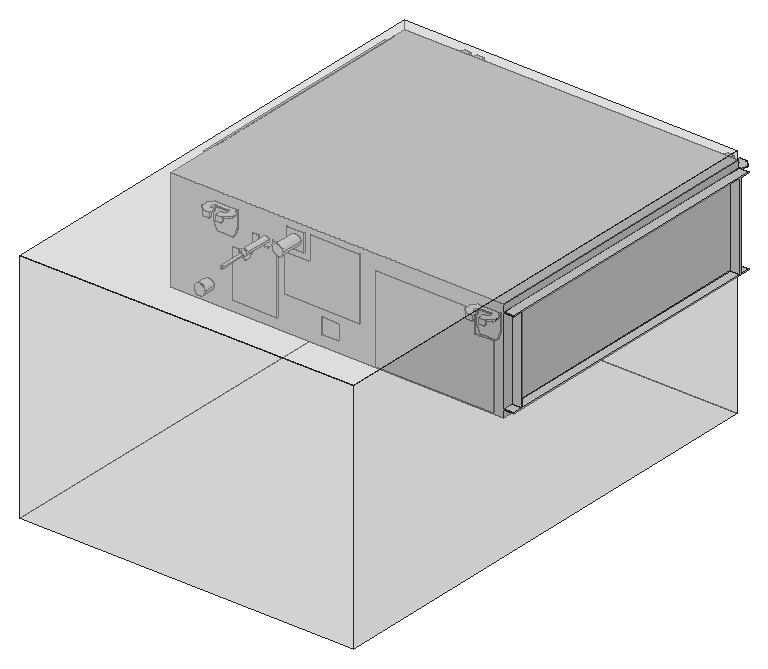
Revit family "outputfile", category 機械設備, Revit 2024
Family settings
  丸型コネクタ寸法 = 半径を使用
  パーツ タイプ = 標準
  OmniClass 番号 = 23.75.10.24.21.27.27
  OmniClass タイトル = Split System Air Conditioning Units
  作業面ベース = いいえ
  常に垂直 = はい
  ロード時にボイドで切り取り = いいえ
  注釈の向きを維持 = いいえ
  共有 = いいえ
  部屋計算ポイント = はい
Parameters (values of type "FXSQ40PAVE8")
  Description = ""
  製造元 = "Daikin"
  書き出し IFC クラス(タイプ) = "IfcUnitaryEquipmentType"
  定義済み IFC タイプ(タイプ) = "AIRCONDITIONINGUNIT"
  Cost = 0
  モデル = "FXSQ40PAVE8"
  Type Comments = ""
  Keynote = ""
  Type Image = (empty or 0)
  Assembly Code = ""
  r_Liquid Pipe Size = Liquid Pipe Size / 2  # 3.2 mm
  r_Gas Pipe Size = Gas Pipe Size / 2  # 6.35 mm
  r_Drain Pipe Size = Drain Pipe Size / 2  # 12.5 mm
  lw_power = 770.0 mm  # constant formula
  lh_SA = 138.0 mm  # constant formula
  lw_SA = if(Depth = 550.0 mm, 225.0 mm, if(Depth = 700.0 mm, 300.0 mm, if(Depth = 1000.0 mm, 450.0 mm, if(Depth = 1400.0 mm, 650.0 mm, 725.0 mm))))  # 300.0 mm
  lw_RA = if(Depth = 550.0 mm, 275.0 mm, if(Depth = 700.0 mm, 349.0 mm, if(Depth = 1000.0 mm, 499.0 mm, if(Depth = 1400.0 mm, 699.0 mm, 775.0 mm))))  # 349.0 mm
  lh_power = 60.0 mm + [h***]  # 60.0 mm
  lh_mountinghole1 = lh_mountinghole + [h***]  # 222.0 mm
  lh_RA = 123.0 mm  # constant formula
  ld_power = Depth / 2  # 350.0 mm
  Voltage_comment_60Hz = "220"
  Voltage_comment_50Hz = "220-240"
  Voltage_60Hz = 220 V
  Voltage_50Hz = 220 V
  URL = ""
  Supply Air Direction [instance] = yes
  Sound Power Level_H speed (dB) = 64
  Phase_60Hz = 1
  Phase_50Hz = 1
  Minimum External Static Pressure = 30.00 Pa
  Minimum Circuit Amps_60Hz = 1.4 A
  Minimum Circuit Amps_50Hz = 1.4 A
  Maximum Fuse Amps_60Hz = 16.0 A
  Maximum Fuse Amps_50Hz = 16.0 A
  Maximum External Static Pressure = 150.00 Pa
  Material_Casing = DAIKIN_GalvanizedSteel_Casing_indoorunit
  lw_mountinghole = 630.0 mm  # constant formula
  lh_gaspipe = 183.0 mm + [h***]  # 183.0 mm
  lh_mountinghole = 222.0 mm  # constant formula
  lh_liquidpipe = 136.0 mm + [h***]  # 136.0 mm
  lh_drainpipe = 207.0 mm + [h***]  # 207.0 mm
  lh_antena = Height - lh_mountinghole + 1.0 mm  # 24.0 mm
  ld_drainpipe = Depth / 2 + 53.0 mm  # 403.0 mm
  ld_liquidpipe = Depth / 2 + 69.0 mm  # 419.0 mm
  ld_gaspipe = Depth / 2 + 65.0 mm  # 415.0 mm
  ld_mountinghole = Depth + 38.0 mm  # 738.0 mm
  h*** = 0.0 mm  # constant formula
  lw_liquidpipe = 179.0 mm  # constant formula
  lw_gaspipe = 229.0 mm  # constant formula
  lw_drainpipe = 300.0 mm  # constant formula
  Width = 800.0 mm
  Version = "ver.1.0"
  Unit Type = "Middle Static Pressure Duct Type"
  Unit Mass Weight = 27.00 kg
  Unit Designation [instance] = ""
  Uniclass2015Version = "Products v1.30"
  Uniclass2015Title = "Variable refrigerant flow units"
  Uniclass2015Code = "Pr_70_65_03_94"
  Total Heating Capacity [instance] = 0.000 kW
  Total Cooling Capacity [instance] = 0.000 kW
  Sound Pressure Level_M speed (dBA) = 0
  Sound Pressure Level_L speed (dBA) = 30
  Sound Pressure Level_H speed (dBA) = 36
  Series = "VRV Fan Coil Unit"
  Sensible Cooling Capacity [instance] = 0.000 kW
  SA Duct Size Width = if(Depth = 550.0 mm, 337.0 mm, if(Depth = 700.0 mm, 492.0 mm, if(Depth = 1000.0 mm, 792.0 mm, if(Depth = 1400.0 mm, 1192.0 mm, 1337.0 mm))))  # 492.0 mm
  SA Duct Size Height = 176.0 mm
  Refrigerant Type = "R410A"
  RA Duct Size Width = if(Depth = 550.0 mm, 502.0 mm, if(Depth = 700.0 mm, 654.0 mm, if(Depth = 1000.0 mm, 952.0 mm, if(Depth = 1400.0 mm, 1352.0 mm, 1502.0 mm))))  # 654.0 mm
  RA Duct Size Height = 208.0 mm
  Power Input (Heating) = 0.157 kW
  Power Input (Cooling) = 0.162 kW
  Option Accessory 3 [instance] = ""
  Option Accessory 2 [instance] = ""
  Option Accessory 1 [instance] = ""
  Nominal Heating Capacity = 5.000 kW
  Nominal Cooling Capacity = 4.500 kW
  Minimum Airflow = 630.00 m³/h
  Median Airflow = 750.00 m³/h
  Maximum Airflow = 900.00 m³/h
  Load Classification = HVAC
  Liquid Pipe Size = 6.4 mm
  Link_Nested Family [instance] = ""
  IfcVersion = "0"
  IfcExportType = "AIRCONDITIONINGUNIT"
  IfcExportAs = "IfcUnitaryEquipmentType"
  Height = 245.0 mm
  Heating Entering Wet Bulb Temperature [instance] = 0.00 °C
  Heating Entering Dry Bulb Temperature [instance] = 0.00 °C
  Heating Ambient Wet Bulb Temperature [instance] = 0.00 °C
  Heating Ambient Dry Bulb Temperature [instance] = 0.00 °C
  Heat Exchanger Type = "Cross Fin Coil"
  Gas Pipe Size = 12.7 mm
  Frequency_60Hz = 60 Hz
  Frequency_50Hz = 50 Hz
  Fan Type = "Sirocco Fan"
  Fan Drive = "Direct Drive"
  FCU Tag No. [instance] = ""
  Drain Pipe Size = 25.0 mm
  Design Supply Airflow [instance] = 0.00 m³/h
  Design Return Airflow [instance] = 0.00 m³/h
  Design External Static Pressure [instance] = 0.00 Pa
  Depth = 700.0 mm
  既定の高さ = 0.0 mm
  Cooling Entering Wet Bulb Temperature [instance] = 0.00 °C
  Cooling Entering Dry Bulb Temperature [instance] = 0.00 °C
  Cooling Ambient Wet Bulb Temperature [instance] = 0.00 °C
  Cooling Ambient Dry Bulb Temperature [instance] = 0.00 °C
  Clearance visibility [instance] = yes
  Clearance Top = 20.0 mm
  Clearance Right = 0.0 mm
  Clearance Rear = 0.0 mm
  Clearance Left = 0.0 mm
  Clearance Front = 450.0 mm
  Clearance Bottom = 300.0 mm
Reference planes
  plane 1 "Center (Front/Back)": y = 0
  plane 2 "h": z = 0
  plane 3 "Center (Left/Right)": x = 0
  plane 4 "Back": y = 350
  plane 5 "Front": y = -350
  plane 6 "Left": x = -400
  plane 7 "Reight": x = 400
  plane 8 "Top": z = 0
  plane 9 "Bottom": z = -245
  plane 10: y = -215
  plane 11: y = 350
  plane 12: y = -800
  plane 13: x = -400
  plane 14: x = 400
  plane 15: z = 20
  plane 16: z = -545
  plane 17: x = -400
  plane 18: x = -399
  plane 19: x = 399
  plane 20: y = 50
  plane 21: y = -1
  plane 22: z = -122
  plane 23: y = -351
  plane 24: z = -109
  plane 25: x = -221
  plane 26: y = -415
  plane 27: z = -62
  plane 28: x = -171
  plane 29: y = -403
  plane 30: z = -38
  plane 31: x = -100
  plane 32: x = -100
  plane 33: x = -221
  plane 34: x = -171
  plane 35: x = 370
  plane 36: x = -266
  plane 37: x = 364
  plane 38: y = -369
  plane 39: y = 369
  plane 40: z = -23
  plane 41: z = -107
  plane 42: y = -420
  plane 43: z = -207
  plane 44: x = -309
  plane 45: y = -376
  plane 46: x = -251
  plane 47: x = -203
  plane 48: x = -144
  plane 49: z = -59
  plane 50: z = -106
  plane 51: z = -221
  plane 52: z = -109
  plane 53: x = -221
  plane 54: z = -62
  plane 55: x = -171
  plane 56: z = -17
  plane 57: z = -59
  plane 58: x = -121
  plane 59: x = -79
  plane 60: x = -125
  plane 61: x = -64
  plane 62: x = 53
  plane 63: z = -164
  plane 64: z = -73
  plane 65: z = -16
  plane 66: x = 93.5
  plane 67: x = 374.5
  plane 68: x = 330
  plane 69: z = -88.5
  plane 70: z = -38
  plane 71: z = -242.5
  plane 72: x = -38.5
  plane 73: x = 6.5
  plane 74: z = -181
  plane 75: z = -221
  plane 76: y = -349
  plane 77: x = -424
  plane 78: x = 424
Forms (mm)
  Extrusion 1, solid, material "DAIKIN_GalvanizedSteel_Casing_indoorunit" <- "Material_Casing"
    sketch origin (0, 0, 0) x (1, 0, 0) y (0, 1, 0)
      loop
        line (-399, 350) -> (-399, -350) -> (399, -350) -> (399, 350) -> (-399, 350)
    from -245 to 0
  Extrusion 2, solid, material "DAIKIN_GalvanizedSteel_Casing_indoorunit" <- "Material_Casing"
    sketch origin (0, 0, 0) x (1, 0, 0) y (0, 0, 1)
      loop
        line (-251, -221) -> (-144, -221) -> (-144, -59) -> (-154.47, -59)
        arc (-154.47, -59) -> (-171, -78.8) -> (-187.53, -59) r 16.8
        line (-187.53, -59) -> (-203, -59) -> (-203, -106) -> (-206.916, -106)
        arc (-206.916, -106) -> (-221, -123.4) -> (-235.084, -106) r 14.4
        line (-235.084, -106) -> (-251, -106) -> (-251, -221)
    from 350 to 351
  Extrusion 3, solid, material "DAIKIN_GalvanizedSteel_Casing_indoorunit" <- "Material_Casing"
    sketch origin (0, 0, 0) x (1, 0, 0) y (0, 0, 1)
      loop
        line (-121, -17) -> (-121, -59) -> (-79, -59) -> (-79, -17) -> (-121, -17)
      loop
        line (-125, -73) -> (-125, -164) -> (53, -164) -> (53, -16) -> (-64, -16) -> (-64, -73) -> (-125, -73)
    from 350 to 351
  Extrusion 4, solid, material "DAIKIN_GalvanizedSteel_Casing_indoorunit" <- "Material_Casing"
    sketch origin (0, 0, 0) x (1, 0, 0) y (0, 0, 1)
      loop
        line (93.5, -38) -> (93.5, -242.5) -> (374.5, -242.5) -> (374.5, -88.5) -> (330, -88.5) -> (330, -38) -> (93.5, -38)
    from 350 to 351
  Extrusion 5, solid
    sketch origin (0, 0, 0) x (1, 0, 0) y (0, 0, 1)
      loop
        circle (-221, -109) r 3.2
    from 350 to 420
  Extrusion 6, solid
    sketch origin (0, 0, 0) x (1, 0, 0) y (0, 0, 1)
      loop
        circle (-171, -62) r 6.35
    from 350 to 415
  Extrusion 7, solid
    sketch origin (0, 0, 0) x (1, 0, 0) y (0, 0, 1)
      loop
        circle (-100, -38) r 12.5
    from 351 to 403
  Extrusion 8, solid, material "DAIKIN_GalvanizedSteel_Casing_indoorunit" <- "Material_Casing"
    sketch origin (0, 0, 0) x (1, 0, 0) y (0, 0, 1)
      loop
        circle (-309, -207) r 13
    from 350 to 376
  Extrusion 9, void
    sketch origin (0, 0, 0) x (1, 0, 0) y (0, 0, 1)
      loop
        line (-38.5, -181) -> (-38.5, -221) -> (6.5, -221) -> (6.5, -181) -> (-38.5, -181)
    from 349 to 350
Cuts and joins
  Extrusion 9 cuts Extrusion 1
Dimensions and locks
  "Height": plane 8 "Top" to plane 9 "Bottom"
  equal spacing: plane 4 "Back", plane 1 "Center (Front/Back)", plane 5 "Front"
  "Depth": plane 4 "Back" to plane 5 "Front"
  equal spacing: plane 6 "Left", plane 3 "Center (Left/Right)", plane 7 "Reight"
  "Width": plane 6 "Left" to plane 7 "Reight"
  "Clearance Left": plane 13 to plane 6 "Left"
  "Clearance Right": plane 7 "Reight" to plane 14
  "Clearance Rear": plane 11 to plane 4 "Back"
  "Clearance Front": plane 5 "Front" to plane 12
  "Clearance Top": plane 15 to plane 8 "Top"
  "Clearance Bottom": plane 9 "Bottom" to plane 16
  locked: plane 17 to plane 18 at 1
  locked: plane 19 to plane 14 at 1
  "lw_SA": plane 11 to plane 20
  "lw_RA": plane 21 to plane 5 "Front"
  "lh_RA": plane 22 to plane 9 "Bottom"
  locked: plane 5 "Front" to plane 23 at 1
  "lw_liquidpipe": plane 25 to plane 6 "Left"
  "lh_liquidpipe": plane 24 to plane 9 "Bottom"
  "lh_gaspipe": plane 27 to plane 9 "Bottom"
  "lw_gaspipe": plane 28 to plane 6 "Left"
  "ld_gaspipe": plane 26 to plane 1 "Center (Front/Back)"
  "ld_drainpipe": plane 29 to plane 1 "Center (Front/Back)"
  "lh_drainpipe": plane 30 to plane 9 "Bottom"
  "lw_drainpipe": plane 31 to plane 6 "Left"
  "lw_drainpipe": plane 6 "Left" to plane 32
  "lw_liquidpipe": plane 6 "Left" to plane 33
  "lw_gaspipe": plane 6 "Left" to plane 34
  "lw_power": plane 6 "Left" to plane 35
  locked: plane 17 to plane 36 at 134
  "lw_mountinghole": plane 36 to plane 37
  equal spacing: plane 38, plane 1 "Center (Front/Back)", plane 39
  "ld_mountinghole": plane 39 to plane 38
  "lh_mountinghole": plane 40 to plane 9 "Bottom"
  "lh_SA": plane 41 to plane 9 "Bottom"
  "ld_liquidpipe": plane 21 to plane 42
  locked: plane 44 to plane 6 "Left" at 91
  locked: plane 43 to plane 9 "Bottom" at 38
  locked: plane 5 "Front" to plane 45 at 26
  plane 48 to plane 47 to plane 46 to plane 6 "Left" = 59.0 mm, 48.0 mm, 149.0 mm
  plane 8 "Top" to plane 49 to plane 50 to plane 51 = 59.0 mm locked, 47.0 mm locked, 115.0 mm locked
  plane 55 to plane 53 to plane 6 "Left" = 50.0 mm locked, 179.0 mm locked
  plane 54 to plane 52 to plane 9 "Bottom" = 47.0 mm locked, 136.0 mm locked
  plane 59 to plane 58 to plane 6 "Left" = 42.0 mm locked, 279.0 mm locked
  plane 8 "Top" to plane 56 to plane 57 = 17.0 mm locked, 42.0 mm locked
  plane 62 to plane 61 to plane 60 to plane 6 "Left" = 117.0 mm, 61.0 mm, 275.0 mm
  plane 8 "Top" to plane 65 to plane 64 = 16.0 mm locked, 57.0 mm locked
  locked: plane 65 to plane 63 at 148
  plane 8 "Top" to plane 70 to plane 69 to plane 71 = 38.0 mm locked, 50.5 mm locked, 154.0 mm locked
  plane 67 to plane 68 to plane 66 to plane 6 "Left" = 44.5 mm locked, 236.5 mm locked, 493.5 mm locked
  plane 8 "Top" to plane 74 to plane 75 = 181.0 mm locked, 40.0 mm locked
  plane 73 to plane 72 to plane 6 "Left" = 45.0 mm, 361.5 mm
  locked: plane 76 to plane 5 "Front" at 1
  locked: plane 77 to plane 17 at 24
  locked: plane 14 to plane 78 at 24
  "r_Liquid Pipe Size": radius of Extrusion 5 sketch curve
  "r_Gas Pipe Size": radius of Extrusion 6 sketch curve
  "r_Drain Pipe Size": radius of Extrusion 7 sketch curve
  aligned and locked: level to plane 2 "h"
  aligned and locked: plane 8 "Top" to Extrusion 1
  aligned and locked: Extrusion 1 to plane 9 "Bottom"
  aligned and locked: nested 5 to plane 12
  aligned and locked: plane 13 to nested 5
  aligned and locked: plane 14 to nested 5
  aligned and locked: nested 5 to plane 13
  aligned and locked: plane 11 to nested 5
  aligned and locked: plane 15 to nested 5
  aligned and locked: plane 16 to nested 5
  aligned and locked: plane 5 "Front" to Extrusion 1 sketch curve
  aligned and locked: Extrusion 1 to plane 18
  aligned and locked: plane 19 to Extrusion 1
  aligned and locked: nested 7 to plane 18
  aligned and locked: nested 7 to plane 20
  aligned and locked: plane 19 to nested 8
  aligned and locked: plane 21 to nested 8
  aligned and locked: plane 22 to nested 8
  aligned and locked: Extrusion 2 to plane 23
  aligned and locked: plane 5 "Front" to Extrusion 2
  aligned and locked: Extrusion 3 to plane 23
  aligned and locked: plane 5 "Front" to Extrusion 3
  aligned and locked: plane 5 "Front" to Extrusion 4
  aligned and locked: Extrusion 5 sketch curve to plane 25
  aligned and locked: plane 24 to Extrusion 5 sketch curve
  aligned and locked: plane 5 "Front" to Extrusion 5
  aligned and locked: Extrusion 6 sketch curve to plane 28
  aligned and locked: plane 27 to Extrusion 6 sketch curve
  aligned and locked: plane 5 "Front" to Extrusion 6
  aligned and locked: Extrusion 7 sketch curve to plane 31
  aligned and locked: Extrusion 7 sketch curve to plane 30
  aligned and locked: Extrusion 7 to plane 29
  aligned and locked: plane 23 to Extrusion 7
  aligned and locked: nested 3 to plane 29
  aligned and locked: plane 32 to nested 3
  aligned and locked: nested 2 to plane 33
  aligned and locked: nested 1 to plane 34
  aligned and locked: Extrusion 6 to plane 26
  aligned and locked: nested 1 to plane 26
  aligned and locked: nested 6 to plane 5 "Front"
  aligned and locked: nested 6 to plane 35
  aligned and locked: plane 36 to nested 10
  aligned and locked: nested 10 to plane 5 "Front"
  aligned and locked: plane 37 to nested 9
  aligned and locked: nested 9 to plane 5 "Front"
  aligned and locked: nested 11 to plane 36
  aligned and locked: plane 4 "Back" to nested 11
  aligned and locked: nested 12 to plane 37
  aligned and locked: plane 4 "Back" to nested 12
  aligned and locked: plane 40 to nested 10
  aligned and locked: plane 40 to nested 11
  aligned and locked: plane 40 to nested 9
  aligned and locked: plane 40 to nested 12
  aligned and locked: plane 36 to nested 14
  aligned and locked: nested 14 to plane 39
  aligned and locked: plane 37 to nested 13
  aligned and locked: nested 13 to plane 39
  aligned and locked: plane 37 to nested 16
  aligned and locked: plane 38 to nested 16
  aligned and locked: plane 38 to nested 15
  aligned and locked: plane 36 to nested 15
  aligned and locked: plane 17 to plane 6 "Left"
  aligned and locked: plane 41 to nested 7
  aligned and locked: Extrusion 5 to plane 42
  aligned and locked: nested 2 to plane 42
  aligned and locked: Extrusion 8 sketch curve to plane 44
  aligned and locked: plane 43 to Extrusion 8 sketch curve
  aligned and locked: plane 5 "Front" to Extrusion 8
  aligned and locked: plane 45 to Extrusion 8
  aligned and locked: Extrusion 3 sketch curve to plane 56
  aligned and locked: Extrusion 3 sketch curve to plane 58
  aligned and locked: plane 57 to Extrusion 3 sketch curve
  aligned and locked: plane 59 to Extrusion 3 sketch curve
  aligned and locked: Extrusion 4 to plane 23
  aligned and locked: Extrusion 9 sketch curve to plane 74
  aligned and locked: plane 75 to Extrusion 9 sketch curve
  aligned and locked: plane 73 to Extrusion 9 sketch curve
  aligned and locked: plane 5 "Front" to Extrusion 9
  aligned and locked: plane 76 to Extrusion 9
  aligned and locked: nested 17 to plane 20
  aligned and locked: nested 17 to plane 77
  aligned and locked: plane 21 to nested 18
  aligned and locked: plane 78 to nested 18
  aligned and locked: plane 41 to nested 17
  aligned and locked: nested 18 to plane 22
  aligned and locked: nested 4 to plane 3 "Center (Left/Right)"
  aligned and locked: plane 1 "Center (Front/Back)" to nested 4
  aligned and locked: level to plane 8 "Top"
Automatic sketch dimensions
  plane 6 "Left" to Extrusion 1 sketch curve = 1.0 mm
  Extrusion 1 sketch curve to plane 7 "Reight" = 1.0 mm
  Extrusion 1 sketch curve to plane 4 "Back" = 0.0 mm
  Extrusion 2 sketch curve to plane 46 = 0.0 mm
  Extrusion 2 sketch curve to plane 33 = 0.0 mm
  Extrusion 2 sketch curve to plane 47 = 0.0 mm
  Extrusion 2 sketch curve to plane 34 = 0.0 mm
  Extrusion 2 sketch curve to plane 48 = 0.0 mm
  Extrusion 2 sketch curve to plane 51 = 0.0 mm
  Extrusion 2 sketch curve to plane 52 = 0.0 mm
  Extrusion 2 sketch curve to plane 50 = 0.0 mm  (x3)
  Extrusion 2 sketch curve to plane 54 = 0.0 mm
  Extrusion 2 sketch curve to plane 49 = 0.0 mm  (x3)
  plane 33 to Extrusion 2 sketch curve = 14.084 mm
  plane 34 to Extrusion 2 sketch curve = 16.53 mm
  Extrusion 3 sketch curve to plane 60 = 0.0 mm
  Extrusion 3 sketch curve to plane 61 = 0.0 mm
  Extrusion 3 sketch curve to plane 62 = 0.0 mm
  Extrusion 3 sketch curve to plane 63 = 0.0 mm
  Extrusion 3 sketch curve to plane 64 = 0.0 mm
  Extrusion 3 sketch curve to plane 65 = 0.0 mm
  Extrusion 4 sketch curve to plane 66 = 0.0 mm
  Extrusion 4 sketch curve to plane 68 = 0.0 mm
  Extrusion 4 sketch curve to plane 67 = 0.0 mm
  Extrusion 4 sketch curve to plane 71 = 0.0 mm
  Extrusion 4 sketch curve to plane 69 = 0.0 mm
  Extrusion 4 sketch curve to plane 70 = 0.0 mm
  Extrusion 9 sketch curve to plane 72 = 0.0 mm
  radius of Extrusion 8 sketch curve = 13.0 mm
Nested families
  nested 1: "daikin_connector_rotate2" at (-171, 0, -62), length <- "ld_gaspipe", built-in parameter 1001364 <- "lh_gaspipe", radius <- "r_Gas Pipe Size", type "daikin_connector_rotate2"
    with radius 6.35 mm, length 415.0 mm, angle_vertical 90.00°
  nested 2: "daikin_connector_rotate2" at (-221, -1, -109), length <- "ld_liquidpipe", built-in parameter 1001364 <- "lh_liquidpipe", radius <- "r_Liquid Pipe Size", type "daikin_connector_rotate2"
    with radius 3.2 mm, length 419.0 mm, angle_vertical 90.00°
  nested 3: "daikin_connector_rotate2" at (-100, 0, -38), length <- "ld_drainpipe", built-in parameter 1001364 <- "lh_drainpipe", radius <- "r_Drain Pipe Size", type "daikin_connector_rotate2"
    with radius 12.5 mm, length 403.0 mm, angle_vertical 90.00°
  nested 4: "daikin_△_symbolicline" at (0, 0, 245) x (0, -1, 0) z (0, 0, 1), built-in parameter 1001364 <- "Height", visible <- "Supply Air Direction", type "daikin_△_symbolicline"
    with length 200.0 mm
  nested 5: "daikin_clearancespace" at (0, -225, -262.381), visible <- "Clearance visibility", show <- "Clearance visibility", Link_Nested Family <- "Link_Nested Family", type "daikin_clearancespace"
    with width 800.0 mm, show yes, height 565.0 mm, depth 1150.0 mm, Link_Nested Family ""
  nested 6: "daikin_connector_rotate2" at (370, 0, -185), built-in parameter 1001364 <- "lh_power", length <- "ld_power", type "daikin_connector_rotate2"
    with radius 10.0 mm, length 350.0 mm, angle_vertical 90.00°
  nested 7: "daikin_ductflange_FXSQ-PAVE8_2" at (-399, 50, -107) x (0, -1, 0) z (0, 0, 1), type "daikin_ductflange_FXSQ-PAVE8_2"
    with width 492.0 mm, w 700.0 mm
  nested 8: "daikin_ductflange_FXSQ-PAVE8_1" at (399, -1, -122) x (0, 1, 0) z (0, 0, 1), type "daikin_ductflange_FXSQ-PAVE8_1"
    with width 654.0 mm, w 700.0 mm
  nested 9: "daikin_hangerfixture_FXSQ-PAVE8" at (364, -350, -23), type "daikin_hangerfixture_FXSQ-PAVE8"
  nested 10: "daikin_hangerfixture_FXSQ-PAVE8" at (-266, -350, -23), type "daikin_hangerfixture_FXSQ-PAVE8"
  nested 11: "daikin_hangerfixture_FXSQ-PAVE8" at (-266, 350, -23) x (-1, 0, 0) z (0, 0, 1), type "daikin_hangerfixture_FXSQ-PAVE8"
  nested 12: "daikin_hangerfixture_FXSQ-PAVE8" at (364, 350, -23) x (-1, 0, 0) z (0, 0, 1), type "daikin_hangerfixture_FXSQ-PAVE8"
  nested 13: "daikin_mountinghole" at (364, 369, -245), h_mountinghole <- "lh_mountinghole1", l_antenna <- "lh_antena", Link_Nested Family <- "Link_Nested Family", type "daikin_mountinghole"
    with show yes, l_antenna 24.0 mm, h_mountinghole 222.0 mm, Link_Nested Family ""
  nested 14: "daikin_mountinghole" at (-266, 369, -245), h_mountinghole <- "lh_mountinghole1", l_antenna <- "lh_antena", Link_Nested Family <- "Link_Nested Family", type "daikin_mountinghole"
    with show yes, l_antenna 24.0 mm, h_mountinghole 222.0 mm, Link_Nested Family ""
  nested 15: "daikin_mountinghole" at (-266, -369, -245), h_mountinghole <- "lh_mountinghole1", l_antenna <- "lh_antena", Link_Nested Family <- "Link_Nested Family", type "daikin_mountinghole"
    with show yes, l_antenna 24.0 mm, h_mountinghole 222.0 mm, Link_Nested Family ""
  nested 16: "daikin_mountinghole" at (364, -369, -245), h_mountinghole <- "lh_mountinghole1", l_antenna <- "lh_antena", Link_Nested Family <- "Link_Nested Family", type "daikin_mountinghole"
    with show yes, l_antenna 24.0 mm, h_mountinghole 222.0 mm, Link_Nested Family ""
  nested 17: "daikin_connector_rotate2" at (-400, 50, -107) x (0, -1, 0) z (0, 0, 1), type "daikin_connector_rotate2"
    with radius 10.0 mm, length 24.0 mm, angle_vertical 90.00°
  nested 18: "daikin_connector_rotate2" at (400, -1, -122) x (0, 1, 0) z (0, 0, 1), type "daikin_connector_rotate2"
    with radius 10.0 mm, length 24.0 mm, angle_vertical 90.00°
Connectors
  piping at (-100, -403, -38), diameter 25, driven by "r_Drain Pipe Size"
    settings: on nested 3, index 3, connector inside diameter 609.6 mm, connector length 0.0 mm, flow factor 0, pipe flow 0.00 m³/h, pressure drop 0.0 Pa, fitting loss kfactor 0, connector angle 0.00°, fixture units 0, engagement length 0.0 mm, angle of deflection 0.00°, flow configuration 1, flow direction 2, fitting loss method 4, system type 16, joint type 0, gender type 0, connector reference index -1, connector utility 0, adjustable connector no, is connector primary yes, connector description "Condensate Drain Piping"
  piping at (-171, -415, -62), diameter 12.7, driven by "r_Gas Pipe Size"
    settings: on nested 1, index 4, connector inside diameter 609.6 mm, connector length 0.0 mm, flow factor 0, pipe flow 0.00 m³/h, pressure drop 0.0 Pa, fitting loss kfactor 0, connector angle 0.00°, fixture units 0, engagement length 0.0 mm, angle of deflection 0.00°, flow configuration 1, flow direction 2, fitting loss method 0, system type 29, joint type 0, gender type 0, connector reference index -1, connector utility 0, adjustable connector no, is connector primary no, connector description "Refrigerant Gas Piping"
  piping at (-221, -420, -109), diameter 6.4, driven by "r_Liquid Pipe Size"
    settings: on nested 2, index 5, connector inside diameter 609.6 mm, connector length 0.0 mm, flow factor 0, pipe flow 0.00 m³/h, pressure drop 0.0 Pa, fitting loss kfactor 0, connector angle 0.00°, fixture units 0, engagement length 0.0 mm, angle of deflection 0.00°, flow configuration 1, flow direction 1, fitting loss method 0, system type 29, joint type 0, gender type 0, connector reference index -1, connector utility 0, adjustable connector no, is connector primary no, connector description "Refrigerant Liquid Piping"
  electrical at (370, -350, -185), driven by "Load Classification"
    settings: on nested 6, index 6, voltage 0 V, apparent load 0 VA, apparent load phase1 0 VA, apparent load phase2 0 VA, apparent load phase3 0 VA, power factor 1, load classification "HVAC", number of poles 1, system type 30, power factor state 1, is connector primary yes, connector utility no, sub classification motor no, connector description "Power Supply"
  hvac at (-424, 50, -107), driven by "SA Duct Size Height", driven by "SA Duct Size Width"
    settings: on nested 17, index 7, duct flow 0.00 m³/h, flow factor 0, pres drop 0.00 Pa, loss coef 0, conn angle 0.00°, conn width 492.0 mm, conn height 176.0 mm, conn diameter 609.6 mm, duct sys type 1, conn prof type 1, flow config 0, flow direction 2, loss method 4, conn ref index -1, conn util no, is conn primary yes, conn desc "SA Duct"
  hvac at (424, -1, -122), driven by "RA Duct Size Height", driven by "RA Duct Size Width"
    settings: on nested 18, index 8, duct flow 0.00 m³/h, flow factor 0, pres drop 0.00 Pa, loss coef 0, conn angle 0.00°, conn width 654.0 mm, conn height 208.0 mm, conn diameter 609.6 mm, duct sys type 2, conn prof type 1, flow config 0, flow direction 1, loss method 4, conn ref index -1, conn util no, is conn primary no, conn desc "RA Duct"
Definition of nested family "daikin_clearancespace"
  Parameters (values of type "daikin_clearancespace")
    width [instance] = 1823.963 mm
    show [instance] = yes
    material = none
    height [instance] = 1359.762 mm
    depth [instance] = 880.0 mm
    Default Elevation = 0.0 mm
    Link_Nested Family [instance] = ""
  Reference planes
    plane 1 "Center (Front/Back)": y = 0
    plane 2 "Center (Elevation)": z = -0.119
    plane 3 "Center (Left/Right)": x = 0
    plane 4: y = 440
    plane 5: y = -440
    plane 6 "Right": x = 911.982
    plane 7 "Left": x = -911.982
    plane 8 "Top": z = 679.762
    plane 9 "Bottom": z = -680
  Forms (mm)
    Extrusion 1, solid, material <- "material", visible <- "show"
      sketch origin (0, 0, 0) x (1, 0, 0) y (0, 1, 0)
        loop
          line (-911.982, 440) -> (-911.982, -440) -> (911.982, -440) -> (911.982, 440) -> (-911.982, 440)
      from -680 to 679.762
  Lines and regions (mm)
    symbolic lines, visible <- "show"
      curve 1: line (911.982, 440, 0) -> (-911.982, 440, 0)
      curve 2: line (-911.982, 440, 0) -> (-911.982, -440, 0)
      curve 3: line (-911.982, -440, 0) -> (911.982, -440, 0)
      curve 4: line (911.982, -440, 0) -> (911.982, 440, 0)
      curve 5: line (911.982, 0, 679.762) -> (-911.982, 0, 679.762)
      curve 6: line (911.982, 0, -680) -> (911.982, 0, 679.762)
      curve 7: line (-911.982, 0, -680) -> (911.982, 0, -680)
      curve 8: line (-911.982, 0, 679.762) -> (-911.982, 0, -680)
      curve 9: line (0, 440, 679.762) -> (0, -440, 679.762)
      curve 10: line (0, -440, 679.762) -> (0, -440, -680)
      curve 11: line (0, 440, -680) -> (0, 440, 679.762)
      curve 12: line (0, -440, -680) -> (0, 440, -680)
  Dimensions and locks
    "width": plane 7 "Left" to plane 6 "Right"
    "depth": plane 4 to plane 5
    "height": plane 8 "Top" to plane 9 "Bottom"
    equal spacing: plane 7 "Left", plane 3 "Center (Left/Right)", plane 6 "Right"
    equal spacing: plane 4, plane 1 "Center (Front/Back)", plane 5
    equal spacing: plane 8 "Top", plane 2 "Center (Elevation)", plane 9 "Bottom"
    aligned and locked: level to plane 2 "Center (Elevation)"
    aligned and locked: Extrusion 1 sketch curve to plane 4
    aligned and locked: plane 7 "Left" to Extrusion 1 sketch curve
    aligned and locked: Extrusion 1 sketch curve to plane 5
    aligned and locked: Extrusion 1 sketch curve to plane 6 "Right"
    aligned and locked: plane 8 "Top" to Extrusion 1
    aligned and locked: curve 1 to Extrusion 1
    aligned and locked: curve 2 to Extrusion 1
    aligned and locked: curve 3 to Extrusion 1
    aligned and locked: curve 4 to Extrusion 1
    aligned and locked: curve 5 to Extrusion 1
    aligned and locked: curve 6 to Extrusion 1
    aligned and locked: curve 7 to Extrusion 1
    aligned and locked: curve 8 to Extrusion 1
    aligned and locked: curve 9 to Extrusion 1
    aligned and locked: curve 10 to Extrusion 1
    aligned and locked: curve 11 to Extrusion 1
    aligned and locked: curve 12 to Extrusion 1
    aligned and locked: Extrusion 1 to plane 9 "Bottom"
Definition of nested family "daikin_ductflange_FXSQ-PAVE8_2"
  Parameters (values of type "daikin_ductflange_FXMQ-PAVE2")
    width = if(w = 550.0 mm, 337.0 mm, if(w = 700.0 mm, 492.0 mm, if(w = 1000.0 mm, 792.0 mm, if(w = 1400.0 mm, 1192.0 mm, 1337.0 mm))))  # 337.0 mm
    material = none
    height = 215.0 mm
    depth = 1.0 mm
    w = 550.0 mm
    Default Elevation = 0.0 mm
  Reference planes
    plane 1 "Center (Front/Back)": y = 0
    plane 2: z = 0
    plane 3 "Center (Left/Right)": x = 0
    plane 4: z = 88
    plane 5: z = -88
    plane 6: y = -25
    plane 7: z = 106
    plane 8: z = 89
    plane 9: y = -1
    plane 10: x = -192.5
    plane 11: x = 192.5
    plane 12: z = -106
    plane 13: z = -89
    plane 14: y = -1
    plane 15: x = 168.5
    plane 16: x = -168.5
    plane 17: x = 169.5
    plane 18: z = 87
    plane 19: z = -87
    plane 20: x = -169.5
    plane 21: z = 87
    plane 22: z = -87
    plane 23: y = -1
  Forms (mm)
    Extrusion 1, solid, material <- "material"
      sketch origin (0, 0, 0) x (0, 1, 0) y (0, 0, 1)
        loop
          line (-25, 88) -> (0, 88) -> (0, 106) -> (-1, 106) -> (-1, 89) -> (-25, 89) -> (-25, 88)
      from -192.5 to 192.5
    Extrusion 2, solid, material <- "material"
      sketch origin (0, 0, 0) x (0, 1, 0) y (0, 0, 1)
        loop
          line (-25, -88) -> (-25, -89) -> (-1, -89) -> (-1, -106) -> (0, -106) -> (0, -88) -> (-25, -88)
      from -192.5 to 192.5
    Extrusion 3, solid, material <- "material"
      sketch origin (0, 0, 0) x (1, 0, 0) y (0, 0, 1)
        loop
          line (168.5, 88) -> (168.5, -88) -> (192.5, -88) -> (192.5, -87) -> (169.5, -87) -> (169.5, 87) -> (192.5, 87) -> (192.5, 88) -> (168.5, 88)
      from 0 to 25
    Extrusion 4, solid, material <- "material"
      sketch origin (0, 0, 0) x (1, 0, 0) y (0, 0, 1)
        loop
          line (-192.5, 88) -> (-192.5, 87) -> (-169.5, 87) -> (-169.5, -87) -> (-192.5, -87) -> (-192.5, -88) -> (-168.5, -88) -> (-168.5, 88) -> (-192.5, 88)
      from 0 to 25
    Extrusion 5, solid, material <- "material"
      sketch origin (0, 0, 0) x (1, 0, 0) y (0, 0, 1)
        loop
          line (-192.5, 88) -> (-192.5, -88) -> (-168.5, -88) -> (-168.5, 88) -> (-192.5, 88)
        loop
          line (192.5, 88) -> (168.5, 88) -> (168.5, -88) -> (192.5, -88) -> (192.5, 88)
      from 0 to 1
  Cuts and joins
    joined: Extrusion 1, Extrusion 2, Extrusion 3, Extrusion 4, Extrusion 5
  Dimensions and locks
    plane 4 to level to plane 5 = 88.0 mm, 88.0 mm
    locked: plane 6 to plane 1 "Center (Front/Back)" at 25
    locked: plane 9 to plane 1 "Center (Front/Back)" at 1
    locked: plane 8 to plane 4 at 1
    locked: plane 16 to plane 10 at 24
    locked: plane 17 to plane 15 at 1
    locked: plane 4 to plane 18 at 1
    locked: plane 19 to plane 5 at 1
    "width": plane 15 to plane 16
    plane 4 to plane 5 = 176.0 mm
    locked: plane 16 to plane 20 at 1
    locked: plane 4 to plane 21 at 1
    locked: plane 22 to plane 5 at 1
    locked: plane 23 to plane 1 "Center (Front/Back)" at 1
    plane 4 to level to plane 5 = 88.0 mm locked, 88.0 mm locked
    locked: plane 5 to plane 13 at 1
    locked: plane 5 to plane 12 at 18
    locked: plane 7 to plane 4 at 18
    equal spacing: plane 15, plane 3 "Center (Left/Right)", plane 16
    locked: plane 11 to plane 15 at 24
    plane 11 to plane 10 = 385.0 mm
    aligned and locked: level to plane 2
    aligned and locked: Extrusion 1 to plane 10
    aligned and locked: plane 11 to Extrusion 1
    aligned and locked: plane 5 to Extrusion 2
    aligned and locked: Extrusion 2 to plane 1 "Center (Front/Back)"
    aligned and locked: plane 15 to Extrusion 3 sketch curve
    aligned and locked: Extrusion 3 sketch curve to Extrusion 2  (x2)
    aligned and locked: Extrusion 3 sketch curve to plane 11
    aligned and locked: plane 6 to Extrusion 3
    aligned and locked: Extrusion 2 to plane 10
    aligned and locked: plane 11 to Extrusion 2
    aligned and locked: Extrusion 4 sketch curve to Extrusion 1  (x2)
    aligned and locked: plane 5 to Extrusion 4 sketch curve
    aligned and locked: Extrusion 4 sketch curve to plane 16
    aligned and locked: Extrusion 4 sketch curve to plane 22
    aligned and locked: plane 20 to Extrusion 4 sketch curve
    aligned and locked: plane 21 to Extrusion 4 sketch curve
    aligned and locked: Extrusion 4 to plane 1 "Center (Front/Back)"
    aligned and locked: plane 6 to Extrusion 4
    aligned and locked: Extrusion 5 sketch curve to Extrusion 1  (x4)
    aligned and locked: Extrusion 5 sketch curve to Extrusion 4  (x2)
    aligned and locked: Extrusion 5 sketch curve to Extrusion 3  (x2)
    aligned and locked: Extrusion 5 to plane 1 "Center (Front/Back)"
    aligned and locked: plane 23 to Extrusion 5
  Automatic sketch dimensions
    Extrusion 1 sketch curve to plane 6 = 0.0 mm
    Extrusion 1 sketch curve to plane 7 = 0.0 mm
    Extrusion 1 sketch curve to plane 9 = 0.0 mm
    Extrusion 1 sketch curve to plane 1 "Center (Front/Back)" = 0.0 mm
    Extrusion 1 sketch curve to plane 4 = 0.0 mm
    Extrusion 1 sketch curve to plane 8 = 0.0 mm
    Extrusion 2 sketch curve to plane 6 = 0.0 mm
    plane 12 to Extrusion 2 sketch curve = 0.0 mm
    Extrusion 2 sketch curve to plane 14 = 0.0 mm
    Extrusion 2 sketch curve to plane 1 "Center (Front/Back)" = 0.0 mm
    plane 13 to Extrusion 2 sketch curve = 0.0 mm
    Extrusion 2 sketch curve to plane 5 = 0.0 mm
    Extrusion 3 sketch curve to plane 17 = 0.0 mm
    Extrusion 3 sketch curve to plane 19 = 0.0 mm
    Extrusion 3 sketch curve to plane 18 = 0.0 mm
    Extrusion 3 sketch curve to plane 4 = 0.0 mm
    Extrusion 4 sketch curve to plane 10 = 0.0 mm
Definition of nested family "daikin_ductflange_FXSQ-PAVE8_1"
  Parameters (values of type "daikin_ductflange_FXMQ-PAVE")
    width = if(w = 550.0 mm, 502.0 mm, if(w = 700.0 mm, 654.0 mm, if(w = 1000.0 mm, 952.0 mm, if(w = 1400.0 mm, 1352.0 mm, 1502.0 mm))))  # 502.0 mm
    material = none
    height = 208.0 mm
    depth = 1.0 mm
    w = 550.0 mm
    Default Elevation = 0.0 mm
  Reference planes
    plane 1 "Center (Front/Back)": y = 0
    plane 2: z = 0
    plane 3 "Center (Left/Right)": x = 0
    plane 4: z = 104
    plane 5: z = -104
    plane 6: y = -25
    plane 7: z = 121
    plane 8: z = 105
    plane 9: y = -1
    plane 10: x = -275
    plane 11: x = 275
    plane 12: z = -122
    plane 13: z = -105
    plane 14: y = -1
    plane 15: x = 251
    plane 16: x = -251
    plane 17: x = 252
    plane 18: z = 103
    plane 19: z = -103
    plane 20: x = -252
    plane 21: z = 103
    plane 22: z = -103
    plane 23: y = -1
  Forms (mm)
    Extrusion 1, solid, material <- "material"
      sketch origin (0, 0, 0) x (0, 1, 0) y (0, 0, 1)
        loop
          line (-25, 104) -> (0, 104) -> (0, 121) -> (-1, 121) -> (-1, 105) -> (-25, 105) -> (-25, 104)
      from -275 to 275
    Extrusion 2, solid, material <- "material"
      sketch origin (0, 0, 0) x (0, 1, 0) y (0, 0, 1)
        loop
          line (-25, -104) -> (-25, -105) -> (-1, -105) -> (-1, -122) -> (0, -122) -> (0, -104) -> (-25, -104)
      from -275 to 275
    Extrusion 3, solid, material <- "material"
      sketch origin (0, 0, 0) x (1, 0, 0) y (0, 0, 1)
        loop
          line (251, 104) -> (251, -104) -> (275, -104) -> (275, -103) -> (252, -103) -> (252, 103) -> (275, 103) -> (275, 104) -> (251, 104)
      from 0 to 25
    Extrusion 4, solid, material <- "material"
      sketch origin (0, 0, 0) x (1, 0, 0) y (0, 0, 1)
        loop
          line (-275, 104) -> (-275, 103) -> (-252, 103) -> (-252, -103) -> (-275, -103) -> (-275, -104) -> (-251, -104) -> (-251, 104) -> (-275, 104)
      from 0 to 25
    Extrusion 5, solid, material <- "material"
      sketch origin (0, 0, 0) x (1, 0, 0) y (0, 0, 1)
        loop
          line (-275, 104) -> (-275, -104) -> (-251, -104) -> (-251, 104) -> (-275, 104)
        loop
          line (275, 104) -> (251, 104) -> (251, -104) -> (275, -104) -> (275, 104)
      from 0 to 1
  Cuts and joins
    joined: Extrusion 1, Extrusion 2, Extrusion 3, Extrusion 4, Extrusion 5
  Dimensions and locks
    plane 4 to level to plane 5 = 104.0 mm, 104.0 mm
    locked: plane 6 to plane 1 "Center (Front/Back)" at 25
    locked: plane 9 to plane 1 "Center (Front/Back)" at 1
    locked: plane 8 to plane 4 at 1
    locked: plane 11 to plane 15 at 24
    locked: plane 16 to plane 10 at 24
    locked: plane 17 to plane 15 at 1
    locked: plane 4 to plane 18 at 1
    locked: plane 19 to plane 5 at 1
    "width": plane 15 to plane 16
    equal spacing: plane 15, plane 3 "Center (Left/Right)", plane 16
    locked: plane 16 to plane 20 at 1
    locked: plane 4 to plane 21 at 1
    locked: plane 22 to plane 5 at 1
    locked: plane 23 to plane 1 "Center (Front/Back)" at 1
    locked: plane 7 to plane 4 at 17
    locked: plane 1 "Center (Front/Back)" to plane 14 at 1
    locked: plane 5 to plane 13 at 1
    "height": plane 4 to plane 5
    plane 11 to plane 10 = 550.0 mm
    locked: plane 12 to plane 13 at 17
    equal spacing: plane 4, level, plane 5
    aligned and locked: level to plane 2
    aligned and locked: Extrusion 1 to plane 10
    aligned and locked: plane 11 to Extrusion 1
    aligned and locked: plane 5 to Extrusion 2
    aligned and locked: Extrusion 2 to plane 1 "Center (Front/Back)"
    aligned and locked: plane 15 to Extrusion 3 sketch curve
    aligned and locked: Extrusion 3 sketch curve to Extrusion 2  (x2)
    aligned and locked: Extrusion 3 sketch curve to plane 11
    aligned and locked: plane 6 to Extrusion 3
    aligned and locked: Extrusion 2 to plane 10
    aligned and locked: plane 11 to Extrusion 2
    aligned and locked: Extrusion 4 sketch curve to Extrusion 1  (x2)
    aligned and locked: plane 5 to Extrusion 4 sketch curve
    aligned and locked: Extrusion 4 sketch curve to plane 16
    aligned and locked: Extrusion 4 sketch curve to plane 22
    aligned and locked: plane 20 to Extrusion 4 sketch curve
    aligned and locked: plane 21 to Extrusion 4 sketch curve
    aligned and locked: Extrusion 4 to plane 1 "Center (Front/Back)"
    aligned and locked: plane 6 to Extrusion 4
    aligned and locked: Extrusion 5 sketch curve to Extrusion 1  (x4)
    aligned and locked: Extrusion 5 sketch curve to Extrusion 4  (x2)
    aligned and locked: Extrusion 5 sketch curve to Extrusion 3  (x2)
    aligned and locked: Extrusion 5 to plane 1 "Center (Front/Back)"
    aligned and locked: plane 23 to Extrusion 5
  Automatic sketch dimensions
    Extrusion 1 sketch curve to plane 6 = 0.0 mm
    Extrusion 1 sketch curve to plane 7 = 0.0 mm
    Extrusion 1 sketch curve to plane 9 = 0.0 mm
    Extrusion 1 sketch curve to plane 1 "Center (Front/Back)" = 0.0 mm
    Extrusion 1 sketch curve to plane 4 = 0.0 mm
    Extrusion 1 sketch curve to plane 8 = 0.0 mm
    Extrusion 2 sketch curve to plane 6 = 0.0 mm
    plane 12 to Extrusion 2 sketch curve = 0.0 mm
    Extrusion 2 sketch curve to plane 14 = 0.0 mm
    Extrusion 2 sketch curve to plane 1 "Center (Front/Back)" = 0.0 mm
    plane 13 to Extrusion 2 sketch curve = 0.0 mm
    Extrusion 2 sketch curve to plane 5 = 0.0 mm
    Extrusion 3 sketch curve to plane 17 = 0.0 mm
    Extrusion 3 sketch curve to plane 19 = 0.0 mm
    Extrusion 3 sketch curve to plane 18 = 0.0 mm
    Extrusion 3 sketch curve to plane 4 = 0.0 mm
    Extrusion 4 sketch curve to plane 10 = 0.0 mm
Definition of nested family "daikin_hangerfixture_FXSQ-PAVE8"
  Parameters (values of type "daikin_hangerfixture_FXMQ-PAVE")
    width = 72.0 mm
    material = none
    height = 60.0 mm
    depth = 41.0 mm
    Default Elevation = 0.0 mm
  Reference planes
    plane 1 "Center (Front/Back)": y = 0
    plane 2: z = 0
    plane 3 "Center (Left/Right)": x = 0
    plane 4: y = 417.146
    plane 5: y = -41
    plane 6: x = -36
    plane 7: x = 36
    plane 8: z = -2.3
    plane 9: z = -60
    plane 10: y = -2.3
    plane 11: z = -12
    plane 12: y = -38.7
  Forms (mm)
    Extrusion 1, solid, material <- "material"
      sketch origin (0, 0, 0) x (1, 0, 0) y (0, 1, 0)
        loop
          line (-28, 0) -> (-28, -5)
          arc (-28, -5) -> (-29.127, -8.162) -> (-32, -9.899) r 5
          arc (-32, -9.899) -> (-34.873, -11.636) -> (-36, -14.798) r 5
          line (-36, -14.798) -> (-36, -27.178)
          arc (-36, -27.178) -> (-35.429, -29.499) -> (-33.846, -31.289) r 5
          line (-33.846, -31.289) -> (-23, -38.798) -> (-23, -41.098) -> (-6.5, -41.098) -> (-6.5, -28.498)
          arc (-6.5, -28.498) -> (-7.379, -26.377) -> (-9.5, -25.498) r 3
          line (-9.5, -25.498) -> (-13.5, -25.498)
          arc (-13.5, -25.498) -> (-20, -18.998) -> (-13.5, -12.498) r 6.5
          line (-13.5, -12.498) -> (13.5, -12.498)
          arc (13.5, -12.498) -> (20, -18.998) -> (13.5, -25.498) r 6.5
          line (13.5, -25.498) -> (9.5, -25.498)
          arc (9.5, -25.498) -> (7.379, -26.377) -> (6.5, -28.498) r 3
          line (6.5, -28.498) -> (6.5, -41.098) -> (23, -41.098) -> (23, -38.798) -> (33.846, -31.289)
          arc (33.846, -31.289) -> (35.429, -29.499) -> (36, -27.178) r 5
          line (36, -27.178) -> (36, -14.596)
          arc (36, -14.596) -> (34.873, -11.434) -> (32, -9.697) r 5
          arc (32, -9.697) -> (29.127, -7.96) -> (28, -4.798) r 5
          line (28, -4.798) -> (28, 0) -> (-28, 0)
      from 0 to -2.3
    Extrusion 2, solid, material <- "material"
      sketch origin (0, 0, 0) x (1, 0, 0) y (0, 0, 1)
        loop
          line (28, -39.037) -> (28, 0) -> (-28, 0) -> (-28, -39.037)
          arc (-28, -39.037) -> (-27.91, -39.983) -> (-27.642, -40.894) r 5
          line (-27.642, -40.894) -> (-21.257, -56.857)
          arc (-21.257, -56.857) -> (-19.418, -59.14) -> (-16.615, -60) r 5
          line (-16.615, -60) -> (16.615, -60)
          arc (16.615, -60) -> (19.418, -59.14) -> (21.257, -56.857) r 5
          line (21.257, -56.857) -> (27.642, -40.894)
          arc (27.642, -40.894) -> (27.91, -39.983) -> (28, -39.037) r 5
      from 0 to 2.3
    Extrusion 3, solid, material <- "material"
      sketch origin (0, 0, 0) x (1, 0, 0) y (0, 0, 1)
        loop
          line (-23, 0) -> (-23, -9)
          arc (-23, -9) -> (-22.121, -11.121) -> (-20, -12) r 3
          line (-20, -12) -> (-9.5, -12)
          arc (-9.5, -12) -> (-7.379, -11.121) -> (-6.5, -9) r 3
          line (-6.5, -9) -> (-6.5, 0) -> (-23, 0)
        loop
          line (23, 0) -> (6.5, 0) -> (6.5, -9)
          arc (6.5, -9) -> (7.379, -11.121) -> (9.5, -12) r 3
          line (9.5, -12) -> (20, -12)
          arc (20, -12) -> (22.121, -11.121) -> (23, -9) r 3
          line (23, -9) -> (23, 0)
      from 38.8 to 41.098
  Cuts and joins
    joined: Extrusion 1, Extrusion 2, Extrusion 3
  Dimensions and locks
    plane 2 to plane 8 = 2.3 mm
    "height": plane 2 to plane 9
    locked: plane 10 to plane 1 "Center (Front/Back)" at 2.3
    locked: plane 2 to plane 11 at 12
    locked: plane 12 to plane 5 at 2.3
    aligned and locked: level to plane 2
    aligned and locked: Extrusion 1 to plane 8
    aligned and locked: plane 2 to Extrusion 1
    aligned and locked: plane 2 to Extrusion 2 sketch curve
    aligned and locked: Extrusion 2 to plane 10
    aligned and locked: Extrusion 2 to plane 1 "Center (Front/Back)"
    aligned and locked: Extrusion 3 sketch curve to cut or joined group of Extrusion 1, Extrusion 2, Extrusion 3  (x3)
    aligned and locked: cut or joined group of Extrusion 1, Extrusion 2, Extrusion 3 to Extrusion 3
  Automatic sketch dimensions
    Extrusion 2 sketch curve to plane 7 = 8.0 mm
    Extrusion 2 sketch curve to plane 8 = 36.737 mm
    plane 6 to Extrusion 2 sketch curve = 19.385 mm
    Extrusion 1 sketch curve to plane 6 = 0.0 mm
    plane 1 "Center (Front/Back)" to Extrusion 1 sketch curve = 0.0 mm
    Extrusion 1 sketch curve to plane 7 = 0.0 mm
    plane 6 to Extrusion 1 sketch curve = 2.154 mm
    plane 6 to Extrusion 1 sketch curve = 3.0 mm
    Extrusion 1 sketch curve to Extrusion 1 sketch curve = 5.0 mm  (x3)
    Extrusion 1 sketch curve to plane 12 = 0.098 mm  (x2)
    Extrusion 1 sketch curve to Extrusion 1 sketch curve = 4.0 mm  (x2)
    Extrusion 1 sketch curve to plane 5 = 0.098 mm  (x2)
    Extrusion 1 sketch curve to plane 3 "Center (Left/Right)" = 6.5 mm
    plane 3 "Center (Left/Right)" to Extrusion 1 sketch curve = 6.5 mm
    Extrusion 1 sketch curve to Extrusion 1 sketch curve = 3.0 mm
    Extrusion 1 sketch curve to plane 7 = 8.0 mm
    Extrusion 1 sketch curve to plane 7 = 5.0 mm
    Extrusion 1 sketch curve to plane 7 = 3.0 mm
    Extrusion 1 sketch curve to plane 7 = 2.154 mm
    plane 12 to Extrusion 1 sketch curve = 7.411 mm  (x2)
    plane 12 to Extrusion 1 sketch curve = 10.202 mm  (x2)
    Extrusion 1 sketch curve to Extrusion 1 sketch curve = 6.5 mm  (x2)
    Extrusion 1 sketch curve to Extrusion 1 sketch curve = 12.38 mm
    Extrusion 1 sketch curve to plane 10 = 12.296 mm
    Extrusion 1 sketch curve to plane 10 = 2.7 mm
    Extrusion 1 sketch curve to plane 10 = 2.498 mm
    plane 6 to Extrusion 1 sketch curve = 4.0 mm
    Extrusion 1 sketch curve to Extrusion 1 sketch curve = 0.0 mm  (x2)
    Extrusion 1 sketch curve to plane 7 = 4.0 mm
    Extrusion 1 sketch curve to Extrusion 1 sketch curve = 4.111 mm
    Extrusion 3 sketch curve to level = 0.0 mm  (x2)
    Extrusion 3 sketch curve to plane 11 = 0.0 mm  (x2)
    plane 11 to Extrusion 3 sketch curve = 3.0 mm  (x2)
    plane 3 "Center (Left/Right)" to Extrusion 3 sketch curve = 6.5 mm
    Extrusion 3 sketch curve to Extrusion 3 sketch curve = 3.0 mm  (x2)
    Extrusion 2 sketch curve to plane 9 = 0.0 mm
    Extrusion 2 sketch curve to Extrusion 2 sketch curve = 11.385 mm
    plane 6 to Extrusion 2 sketch curve = 8.0 mm
    plane 9 to Extrusion 2 sketch curve = 20.963 mm
    Extrusion 2 sketch curve to Extrusion 2 sketch curve = 5.0 mm  (x2)
    plane 9 to Extrusion 2 sketch curve = 3.143 mm  (x3)
    Extrusion 2 sketch curve to Extrusion 2 sketch curve = 4.642 mm  (x2)
    Extrusion 2 sketch curve to Extrusion 2 sketch curve = 0.0 mm  (x2)
    Extrusion 2 sketch curve to Extrusion 2 sketch curve = 0.358 mm
    Extrusion 2 sketch curve to Extrusion 2 sketch curve = 1.857 mm  (x2)
Definition of nested family "daikin_connector_rotate2"
  Parameters (values of type "daikin_connector_rotate2")
    Default Elevation = 1219.2 mm
    show_face = no
    radius [instance] = 10.0 mm
    length [instance] = 600.0 mm
    d_surface = 10.0 mm
    angle_vertical [instance] = 90.00°
  Reference planes
    plane 1 "Center (Front/Back)": y = 0
    plane 2: z = 0
    plane 3 "Center (Left/Right)": x = 0
  Forms (mm)
    Extrusion 1, solid, visible <- "show_face"
      sketch origin (0, -600, 0) x (1, 0, 0) y (0, 0, 1)
        loop
          circle (0, 0) r 10
      from 0 to -10
  Lines and regions (mm)
    reference lines
      curve 1: line (0, 0, 0) -> (0, -600, 0)
    symbolic lines
      curve 2: circle (0, 0, 0) r 5 normal (0, 0, 1)
    model lines, visible <- "show_face"
      curve 3: line (0, 0, 0) -> (0, -600, 0)
  Dimensions and locks
    "length": curve 1 to curve 1
    "length": curve 3 to curve 3
    "d_surface": Extrusion 1 to Extrusion 1
    "radius": radius of Extrusion 1 sketch curve
    "angle_vertical": angle curve 1 to plane 1 "Center (Front/Back)"
    "angle_vertical": angle curve 3 to plane 1 "Center (Front/Back)"
    aligned and locked: level to plane 2
    aligned and locked: plane 1 "Center (Front/Back)" to curve 1
    aligned and locked: plane 2 to curve 1
    aligned and locked: plane 1 "Center (Front/Back)" to curve 2
    aligned and locked: plane 3 "Center (Left/Right)" to curve 2
    aligned and locked: plane 1 "Center (Front/Back)" to curve 3
    aligned and locked: plane 2 to curve 3
    aligned and locked: Extrusion 1 to Extrusion 1
  Automatic sketch dimensions
    Extrusion 1 sketch curve to level = 0.0 mm
    Extrusion 1 sketch curve to plane 3 "Center (Left/Right)" = 0.0 mm
    radius of curve 2 = 5.0 mm
Definition of nested family "daikin_△_symbolicline"
  Parameters (values of type "daikin_△_symbolicline")
    length [instance] = 200.0 mm
    Default Elevation = 0.0 mm
  Reference planes
    plane 1 "Center (Front/Back)": y = 0
    plane 2: z = 0
    plane 3 "Center (Left/Right)": x = 0
  Lines and regions (mm)
    symbolic lines
      curve 1: line (0, -173.205, 0) -> (100, 0, 0)
      curve 2: line (100, 0, 0) -> (-100, 0, 0)
      curve 3: line (-100, 0, 0) -> (0, -173.205, 0)
  Dimensions and locks
    equal spacing: curve 3, plane 3 "Center (Left/Right)", curve 2
    "length": curve 3 to curve 2
    "length": curve 3 to curve 3
    "length": curve 1 to curve 1
    aligned and locked: level to plane 2
    aligned and locked: curve 2 to plane 1 "Center (Front/Back)"
    aligned and locked: plane 3 "Center (Left/Right)" to curve 3
Definition of nested family "daikin_mountinghole"
  Parameters (values of type "daikin_mountinghole")
    Default Elevation = 1219.2 mm
    Type Comments = "mountinghole"
    show [instance] = yes
    material = none
    l_centerline = 100.0 mm
    l_antenna [instance] = 100.0 mm
    h_mountinghole [instance] = 0.0 mm
    d_circle = 30.0 mm
    Link_Nested Family [instance] = ""
  Reference planes
    plane 1 "Center (Front/Back)": y = 0
    plane 2: z = 0
    plane 3 "Center (Left/Right)": x = 0
    plane 4: y = 50
    plane 5: x = -50
    plane 6: x = 50
    plane 7: y = -50
    plane 8 "h_mountinghole": z = 0
    plane 9: z = 100
  Lines and regions (mm)
    model lines, detail levels fine
      curve 1: circle (0, 0, 0) r 15 normal (0, 0, 1)
      curve 2: line (-50, 0, 0) -> (50, 0, 0)
      curve 3: line (0, 50, 0) -> (0, -50, 0)
    symbolic lines, detail levels fine
      curve 4: circle (0, 0, 0) r 15 normal (0, 0, 1)
      curve 5: line (-50, 0, 0) -> (50, 0, 0)
      curve 6: line (0, 50, 0) -> (0, -50, 0)
    model lines
      curve 7: line (0, 0, 100) -> (0, 0, 0)
  Dimensions and locks
    equal spacing: plane 4, plane 1 "Center (Front/Back)", plane 7
    "l_centerline": plane 4 to plane 7
    equal spacing: plane 5, plane 3 "Center (Left/Right)", plane 6
    "l_centerline": plane 5 to plane 6
    "l_antenna": plane 9 to plane 8 "h_mountinghole"
    "h_mountinghole": plane 8 "h_mountinghole" to plane 2
    "d_circle": diameter of curve 1
    "d_circle": diameter of curve 4
    aligned and locked: level to plane 2
    aligned and locked: plane 1 "Center (Front/Back)" to curve 1
    aligned and locked: plane 3 "Center (Left/Right)" to curve 1
    aligned and locked: plane 1 "Center (Front/Back)" to curve 2
    aligned and locked: curve 3 to plane 3 "Center (Left/Right)"
    aligned and locked: plane 6 to curve 2
    aligned and locked: plane 5 to curve 2
    aligned and locked: plane 4 to curve 3
    aligned and locked: plane 7 to curve 3
    aligned and locked: plane 1 "Center (Front/Back)" to curve 4
    aligned and locked: plane 3 "Center (Left/Right)" to curve 4
    aligned and locked: plane 6 to curve 5
    aligned and locked: plane 5 to curve 5
    aligned and locked: plane 1 "Center (Front/Back)" to curve 5
    aligned and locked: plane 4 to curve 6
    aligned and locked: plane 7 to curve 6
    aligned and locked: curve 6 to plane 3 "Center (Left/Right)"
    aligned and locked: curve 7 to plane 3 "Center (Left/Right)"
    aligned and locked: plane 9 to curve 7
    aligned and locked: plane 8 "h_mountinghole" to curve 7
